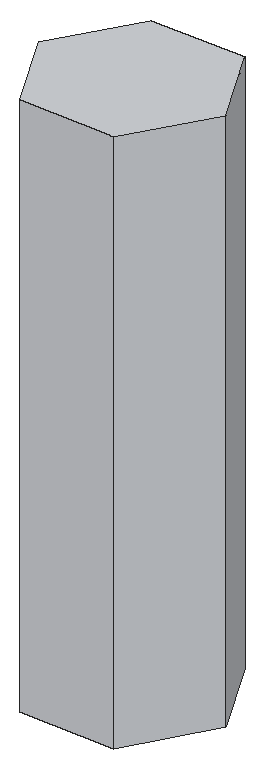
Revit family "$Player_Cat", category Generic Models, Revit 2020
Family settings
  Can host rebar = No
  Round Connector Dimension = Use Diameter
  Part Type = Normal
  Work Plane-Based = No
  Always vertical = Yes
  Cut with Voids When Loaded = No
  Shared = No
  Room Calculation Point = No
Parameters (values of type "SD")
  yes = 2 > 1  # yes
  show_standard [instance] = not(show_overweight)  # yes
  show_overweight [instance] = _property_is_overweight  # no
  no = not(yes)  # no
  _property_positionID = 0
  _property_name = "Peter"
  _property_luck = 50
  _property_is_overweight = no
  _property_hold_status = ""
  _asset_tools = ""
  _asset_skills = ""
  _asset_money = 100
  _asset_direction = 1
  Default Elevation = 0 mm
Reference planes
  plane 1 "Center (Front/Back)": y = 0
  plane 2: z = 0
  plane 3 "Center (Left/Right)": x = 0
Forms (mm)
  Extrusion 1, solid, visible <- "show_standard"
    sketch origin (0, 0, 0) x (1, 0, 0) y (0, 1, 0)
      loop
        line (300, 0) -> (150, 259.808) -> (-150, 259.808) -> (-300, 0) -> (-150, -259.808) -> (150, -259.808) -> (300, 0)
    from 0 to 1750
  Extrusion 2, solid, visible <- "show_overweight"
    sketch origin (0, 0, 0) x (1, 0, 0) y (0, 1, 0)
      loop
        line (500, 0) -> (250, 433.013) -> (-250, 433.013) -> (-500, 0) -> (-250, -433.013) -> (250, -433.013) -> (500, 0)
    from 0 to 1300
Dimensions and locks
  aligned and locked: plane 2 to level
  aligned and locked: plane 1 "Center (Front/Back)" to nested 1
  aligned and locked: plane 3 "Center (Left/Right)" to nested 1
Nested families
  nested 1: "NAME_SYMBOL" at (0, 0, 0), _property_name <- "_property_name", _property_positionID <- "_property_positionID", type "NAME_SYMBOL"
    with _property_name "Peter"
Definition of nested family "NAME_SYMBOL"
  Parameters (values of type "NAME_SYMBOL")
    _property_positionID [instance] = 0
    _property_name [instance] = ""
  Reference planes
    plane 1: y = 0
    plane 2: x = 0
  Lines and regions (mm)
    detail lines
      curve 1: line (-15, -5, 0) -> (15, -5, 0)
      curve 2: line (-15, 5, 0) -> (-15, -5, 0)
      curve 3: line (15, 5, 0) -> (-15, 5, 0)
      curve 4: line (15, -5, 0) -> (15, 5, 0)
  Text (mm)
    label "A\n_property_positionID" at (0.077, 0.299, 0), shows "_property_name", "_property_positionID"
